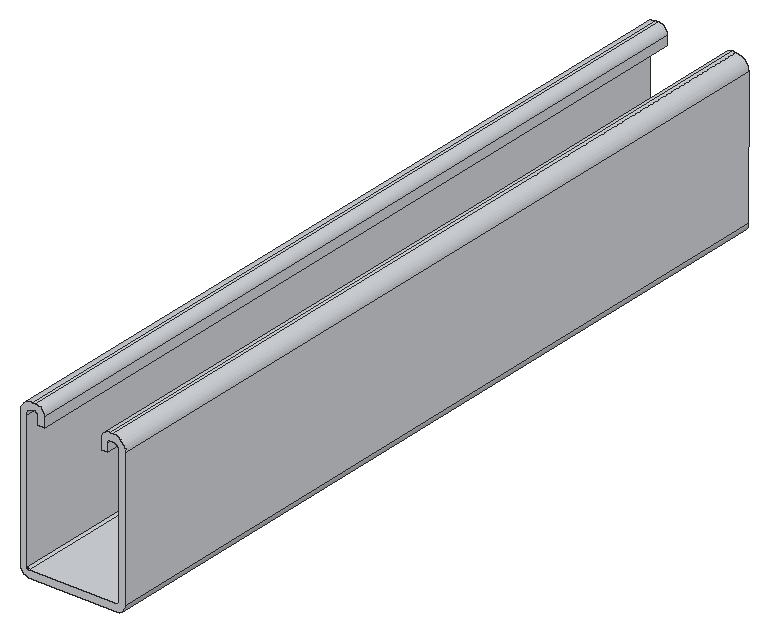
Revit family "Channel-Unistrut-P5500", category Specialty Equipment, Revit 2012
Parameters (values of type "P5500")
  ecoScorecard_data = ""
  ecoScorecard Product Page = ""
  Weight Per Foot = 2.47 lbf/ft
  Unit = none
  URL = "http://unistrut.us/index.php"
  Subcategory = "1 5/8\" Channels"
  Product Page URL = "http://unistrut.us/index.php?WP=cat_detail&S=S02&P=P5500"
  Power Strut Part Number = "PS 200 KO6"  # constant formula
  Part Type = "Channel"  # constant formula
  Part Number = ""
  Overall Width = 1 5/8"  # constant formula
  Overall Height = 2 7/16"
  Model = "P5500"  # constant formula
  Material = "Multiple Options - See Catalog"
  Manufacturer Toll Free Phone = "800-882-5543"  # constant formula
  Manufacturer Phone = "708-339-1610"  # constant formula
  Manufacturer Fax = "708-339-7814"  # constant formula
  Manufacturer Email = "mailto:questions@atkore.com"
  Manufacturer Address = "16100 South Lathrop Avenue, Harvey, IL 60426"  # constant formula
  Manufacturer = "Unistrut by Atkore International"  # constant formula
  Load Capacity Note = "Visit the product page for load application and capacity."  # constant formula
  Literature URL = "http://unistrut.us/index.php?WP=LItLibrary"
  Length [instance] = 12"
  Hole Spacing On Center Dimension = 6"
  Hole Spacing From End Dimension = 7/8"
  Gauge Thickness = "12 Gauge (.105”)"  # constant formula
  Description = "P5500 Channel"  # constant formula
  Cost Info = "mailto:questions@atkore.com"
  Construction Note = "Not Applicable"  # constant formula
  Category = "Specialty Equipment"  # constant formula
  CSI MasterSpec = "http://www.unistrut.us/a_files/TechRef/Unistrut_CSI_05430.pdf"
  CAD URL = "http://unistrut.us/index.php?WP=CAD3d"
  Assembly Code = "D5020100"
  Allowable Moment = 13.314 N·m
  95 CSI = "16070"  # constant formula
  04 CSI = "26 05 48"  # constant formula
Reference planes (in)
  plane 1 "Center (Front/Back)": y = 0
  plane 2: z = 0
  plane 3 "Center (Left/Right)": x = 0
  plane 4: z = 2.4375
  plane 5: y = 6
  plane 6: x = -0.8125
  plane 7: y = -6
  plane 8: x = 0.8125
Dimensions and locks (in)
  "Overall Height": plane 4 to level
  equal spacing: plane 6, plane 3 "Center (Left/Right)", plane 8
  "Overall Width": plane 6 to plane 8
  equal spacing: plane 5, plane 1 "Center (Front/Back)", plane 7
  "Length": plane 5 to plane 7
  aligned and locked: level to plane 2
  aligned and locked: plane 1 "Center (Front/Back)" to nested 1
  aligned and locked: plane 3 "Center (Left/Right)" to nested 1
  aligned and locked: nested 1 to level
Nested families (in)
  nested 1: "P5500 Channel" at (0, 0, 0), type "P5500 Channel"
Definition of nested family "P5500 Channel"
  Parameters (values of type "P5500 Channel")
    Width = 1 5/8"
    Unit = none
    Length = 12"
    Height = 2 7/16"
  Reference planes (in)
    plane 1 "Center (Front/Back)": y = 0
    plane 2: z = 0
    plane 3 "Center (Left/Right)": x = 0
    plane 4: z = 2.4375
    plane 5: x = -0.8125
    plane 6: x = 0.8125
    plane 7: y = 6
    plane 8: y = -6
    plane 9: x = 0.4375
    plane 10: x = -0.4375
    plane 11: z = 2.15625
  Forms (in)
    Sweep 1, solid, material <- "Unit", detail levels fine
      path origin (0, 0, 0) x (1, 0, 0) y (0, 1, 0)
        loop
          line (0, 6) -> (0, -6)
      profile origin (0, 0, 0) x (1, 0, 0) y (0, 0, 1)
        loop
          line (0.7075, 2.2385) -> (0.7075, 0.13625)
          arc (0.7075, 0.13625) -> (0.69835, 0.11415) -> (0.67625, 0.105) r 0.03125
          line (0.67625, 0.105) -> (-0.67625, 0.105)
          arc (-0.67625, 0.105) -> (-0.69835, 0.11415) -> (-0.7075, 0.13625) r 0.03125
          line (-0.7075, 0.13625) -> (-0.7075, 2.2385)
          arc (-0.7075, 2.2385) -> (-0.68004, 2.30479) -> (-0.61375, 2.33225) r 0.09375
          line (-0.61375, 2.33225) -> (-0.57375, 2.33225)
          arc (-0.57375, 2.33225) -> (-0.55165, 2.3231) -> (-0.5425, 2.301) r 0.03125
          line (-0.5425, 2.301) -> (-0.5425, 2.15625) -> (-0.4375, 2.15625) -> (-0.4375, 2.301)
          arc (-0.4375, 2.301) -> (-0.47741, 2.39734) -> (-0.57375, 2.43725) r 0.13625
          line (-0.57375, 2.43725) -> (-0.61375, 2.43725)
          arc (-0.61375, 2.43725) -> (-0.75429, 2.37904) -> (-0.8125, 2.2385) r 0.19875
          line (-0.8125, 2.2385) -> (-0.8125, 0.13625)
          arc (-0.8125, 0.13625) -> (-0.77259, 0.03991) -> (-0.67625, 0) r 0.13625
          line (-0.67625, 0) -> (0.67625, 0)
          arc (0.67625, 0) -> (0.77259, 0.03991) -> (0.8125, 0.13625) r 0.13625
          line (0.8125, 0.13625) -> (0.8125, 2.2385)
          arc (0.8125, 2.2385) -> (0.75429, 2.37904) -> (0.61375, 2.43725) r 0.19875
          line (0.61375, 2.43725) -> (0.57375, 2.43725)
          arc (0.57375, 2.43725) -> (0.47741, 2.39734) -> (0.4375, 2.301) r 0.13625
          line (0.4375, 2.301) -> (0.4375, 2.15625) -> (0.5425, 2.15625) -> (0.5425, 2.301)
          arc (0.5425, 2.301) -> (0.55165, 2.3231) -> (0.57375, 2.33225) r 0.03125
          line (0.57375, 2.33225) -> (0.61375, 2.33225)
          arc (0.61375, 2.33225) -> (0.68004, 2.30479) -> (0.7075, 2.2385) r 0.09375
    Sweep 2, solid, material <- "Unit", detail levels coarse+medium
      path origin (0, 0, 0) x (1, 0, 0) y (0, 1, 0)
        loop
          line (0, 6) -> (0, -6)
      profile origin (0, 0, 0) x (1, 0, 0) y (0, 0, 1)
        loop
          line (0.8125, 2.4375) -> (-0.8125, 2.4375) -> (-0.8125, 0) -> (0.8125, 0) -> (0.8125, 2.4375)
  Lines and regions (in)
    symbolic lines, style "Channel", detail levels coarse+medium
      curve 1: line (0.8125, 6, 0) -> (0.8125, -6, 0)
      curve 2: line (-0.8125, 6, 0) -> (0.8125, 6, 0)
      curve 3: line (-0.8125, 6, 0) -> (-0.8125, -6, 0)
      curve 4: line (-0.8125, -6, 0) -> (0.8125, -6, 0)
    symbolic lines, style "Channel", detail levels fine
      curve 5: line (-0.8125, 6, 0) -> (0.8125, 6, 0)
      curve 6: line (0.8125, 6, 0) -> (0.8125, -6, 0)
      curve 7: line (0.4375, 6, 0) -> (0.4375, -6, 0)
      curve 8: line (-0.4375, 6, 0) -> (-0.4375, -6, 0)
      curve 9: line (-0.8125, 6, 0) -> (-0.8125, -6, 0)
      curve 10: line (-0.8125, -6, 0) -> (0.8125, -6, 0)
  Dimensions and locks (in)
    "Height": plane 4 to level
    equal spacing: plane 6, plane 3 "Center (Left/Right)", plane 5
    "Width": plane 6 to plane 5
    equal spacing: plane 7, plane 1 "Center (Front/Back)", plane 8
    "Length": plane 7 to plane 8
    locked: plane 6 to plane 9 at 0.375
    locked: plane 5 to plane 10 at 0.375
    locked: plane 4 to plane 11 at 0.28125
    locked: plane 6 to Sweep 1 sketch curve at 0.105
    locked: Sweep 1 sketch curve to plane 5 at 0.105
    locked: Sweep 1 sketch curve to level at 0.105
    locked: plane 4 to Sweep 1 sketch curve at 0.28125  (x2)
    aligned and locked: plane 2 to level
    aligned and locked: plane 8 to Sweep 1 sketch curve
    aligned and locked: plane 7 to Sweep 1 sketch curve
    aligned and locked: Sweep 1 sketch curve to plane 3 "Center (Left/Right)"
    aligned and locked: plane 6 to Sweep 1 sketch curve
    aligned and locked: Sweep 1 sketch curve to plane 5
    aligned and locked: Sweep 1 sketch curve to level
    aligned and locked: plane 8 to Sweep 2 sketch curve
    aligned and locked: plane 7 to Sweep 2 sketch curve
    aligned and locked: Sweep 2 sketch curve to plane 3 "Center (Left/Right)"
    aligned and locked: Sweep 2 sketch curve to plane 6
    aligned and locked: Sweep 2 sketch curve to plane 4
    aligned and locked: Sweep 2 sketch curve to plane 5
    aligned and locked: Sweep 2 sketch curve to level
    aligned and locked: curve 1 to plane 6
    aligned and locked: curve 2 to plane 7
    aligned and locked: curve 3 to plane 5
    aligned and locked: curve 7 to plane 9
    aligned and locked: plane 10 to curve 8
    aligned and locked: plane 8 to curve 10
  Automatic sketch dimensions
    Sweep 1 sketch curve to Sweep 1 sketch curve = 0"  (x10)
    Sweep 1 sketch curve to Sweep 1 sketch curve = 1/32"  (x3)
    Sweep 1 sketch curve to Sweep 1 sketch curve = 3/32"  (x2)
    Sweep 1 sketch curve to Sweep 1 sketch curve = 0.04"  (x2)
    Sweep 1 sketch curve to profile plane = 0.67625"
    Sweep 1 sketch curve to Sweep 1 sketch curve = 0.08225"  (x2)
    curve 6 to curve 7 = 0"
    curve 8 to curve 7 = 0"
    curve 7 to curve 8 = 0"
    curve 8 to curve 9 = 0"
